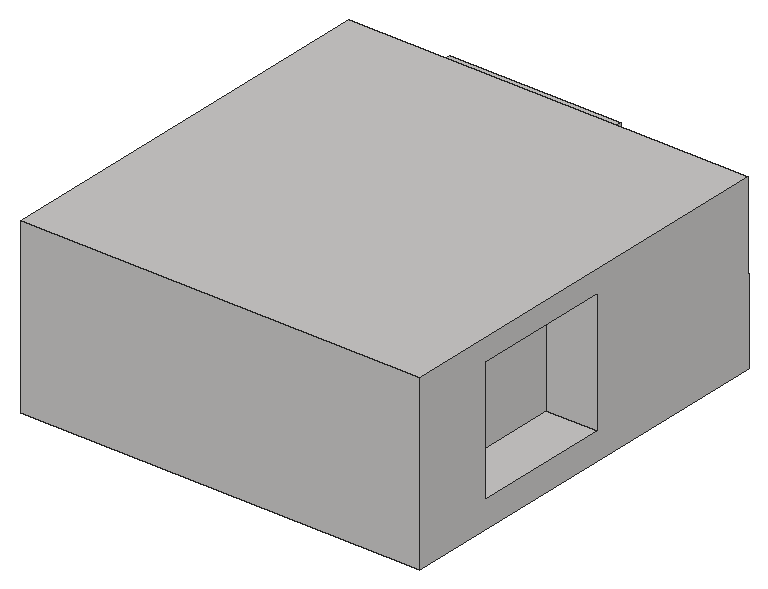
Revit family
Parameters
  Width = 4' - 0 1/8"
  Voltage = 277 V
  Unit Weight = "225.0 lbs"
  UltraLoc Liner = Choose Liner Option = 3  # no
  URL = "http://www.titus-hvac.com/"
  UL = "181"
  Supply Air Flow [instance] = 0 CFM
  SteriLoc Liner = Choose Liner Option = 2  # no
  Primary Air Pressure Drop [instance] = 0.00 in-wg
  Primary Air Flow [instance] = 0 CFM
  Plenum Air Pressure Drop [instance] = 0.00 in-wg
  Plenum Air Flow [instance] = 0 CFM
  Outlet Width = 1' - 4 1/2"
  Outlet Vertical Offset = 0' - 1 1/8"
  Outlet Horizontal Offset = 0' - 1 3/8"
  Outlet Height = 1' - 2 1/2"
  Number of Poles = 1
  Nominal Width = Width + 0' 6 1/4"  # 4' - 6 3/8"
  Nominal Length = Length + 0' 3 3/8"  # 4' - 2 1/4"
  Nominal Inlet Size = 1' - 2"
  Nominal Height = 1' - 8 1/8"
  NFPA = "90A"
  Motor Full Load Amps = 5.4 A
  Model = "DTQS"
  Min. Air Flow = 0 CFM
  Max. Air Flow = 0 CFM
  Material = Galvanized Steel
  Manufacturer = "Titus"
  Length = 3' - 10 7/8"
  Juction Box Offset = 0' - 6 7/8"
  Inlet Diameter = Nominal Inlet Size - 0' 0 1/8"  # 1' - 1 7/8"
  Induced offset = 0' - 1 1/4"
  Induced Air Inlet Offset = 0' - 4 1/2"
  Induced Air Inlet Width = 1' - 9"
  Induced Air Inlet Height = 1' - 5 1/2"
  Induced Air Filter = no
  Heating Total Capacity [instance] = 0 Btu/h
  Half Outlet Connection Width = Outlet Width / 2  # 0' - 8 1/4"
  Half Outlet Connection Height = Outlet Height / 2  # 0' - 7 1/4"
  Half Height Start = -(Nominal Height / 2)  # -0' - 10 1/16"
  Half Height End = Nominal Height / 2  # 0' - 10 1/16"
  HP-Motor = "3/4"
  Frequency = 60 Hz
  Filter Size = "27\"x20\""
  Fiber Free Liner = Choose Liner Option = 1  # no
  Fan Disconnect Switch = no
  Duct Radius = Nominal Inlet Size / 2  # 0' - 7"
  Description = "Series Fan Powered Terminal Unit, Direct Digital Control, Pressure Independent"
  Connection Void Radius = Connection Radius - 0' 0 1/4"  # 0' - 6 11/16"
  Connection Radius = Inlet Diameter / 2  # 0' - 6 15/16"
  Choose Liner Option = 0
  CADworks URL = "www.CADworks.net"
  Assembly Code = "D3040100"
  Apparent Power = Voltage * Motor Full Load Amps  # 1495.8 VA
  Air Inlet Offset = 0' - 10"
  1/2" Fiberglass Liner = Choose Liner Option = 0  # yes
Reference planes (in)
  plane 1 "Center (Front/Back)": y = 0
  plane 2: z = 0
  plane 3 "Center (Left/Right)": x = 3
  plane 4: x = -20.4375
  plane 5: x = 26.4375
  plane 6: x = -13.5625
  plane 7: x = -23.8125
  plane 8 "Center (Elevation)": z = 0
  plane 9: y = -24.0625
  plane 10: y = 24.0625
  plane 11: y = 14.0625
  plane 12: y = -19.5625
  plane 13: x = 20.4375
  plane 14: y = 30.3125
  plane 15: z = 10.0625
  plane 16: z = -10.0625
Forms (in)
  Extrusion 1, solid, material "Galvanized Steel" <- "Material"
    sketch origin (0, 0, 52) x (1, 0, 0) y (0, 1, 0)
      loop
        line (-20.4375, 24.0625) -> (-20.4375, -24.0625) -> (26.4375, -24.0625) -> (26.4375, 24.0625) -> (-20.4375, 24.0625)
    from -62.0625 <- "Half Height Start" to -41.9375 <- "Half Height End"
  Extrusion 2, solid, material "Galvanized Steel" <- "Material"
    sketch origin (5.0625, 0, -6) x (1, 0, 0) y (0, 1, 0)
      loop
        line (-18.625, 24.0625) -> (1.375, 24.0625) -> (1.375, 30.3125) -> (-18.625, 30.3125) -> (-18.625, 24.0625)
    from 0 to 12
  Extrusion 3, void
    sketch origin (26.4375, 24.0625, 53.125) x (0, 1, 0) y (0, 0, -1)
      loop
        line (-22.125, 45.5625) -> (-22.125, 60.0625) -> (-38.625, 60.0625) -> (-38.625, 45.5625) -> (-22.125, 45.5625)
    from 0 to 6
  Extrusion 4, solid, material "Galvanized Steel" <- "Material"
    sketch origin (-24.875, 0.5625, 0) x (0, 0, -1) y (0, 1, 0)
      loop
        circle (0, 13.5) r 6.9375
    from 1.0625 to 4.4375
  Extrusion 5, void
    sketch origin (-24.875, 0, 0) x (0, 1, 0) y (0, 0, 1)
      loop
        circle (14.0625, 0) r 6.6875
    from 1.0625 to 11.3125
  Extrusion 6, void
    sketch origin (-20.4375, -24.0625, 52) x (0, -1, 0) y (0, 0, -1)
      loop
        line (-25.5, 43.3125) -> (-4.5, 43.3125) -> (-4.5, 60.8125) -> (-25.5, 60.8125) -> (-25.5, 43.3125)
    from 0 to 6.875
Cuts and joins
  Extrusion 3, Extrusion 5, Extrusion 6 cuts Extrusion 1
  Extrusion 5 cuts Extrusion 4
Dimensions and locks (in)
  "Length": plane 5 to plane 4
  equal spacing: plane 5, plane 3 "Center (Left/Right)", plane 4
  locked: Extrusion 2 to plane 6 at 0
  locked: Extrusion 2 to Extrusion 2 at 20
  "Juction Box Offset": plane 6 to plane 4
  "Outlet Height": Extrusion 3 sketch curve to Extrusion 3 sketch curve
  "Outlet Width": Extrusion 3 sketch curve to Extrusion 3 sketch curve
  locked: plane 4 to plane 7 at 3.375
  "Width": plane 9 to plane 10
  equal spacing: plane 9, plane 1 "Center (Front/Back)", plane 10
  locked: Extrusion 4 sketch curve to level at 0
  locked: Extrusion 4 sketch curve to plane 11 at 0
  locked: Extrusion 5 sketch curve to level at 0
  locked: Extrusion 5 sketch curve to plane 11 at 0
  locked: Extrusion 2 to Extrusion 2 at 6.25
  "Air Inlet Offset": plane 10 to plane 11
  locked: Extrusion 2 to plane 10 at 0
  locked: cut or joined group of Extrusion 4, Extrusion 5 to plane 7 at 0
  locked: cut or joined group of Extrusion 4, Extrusion 5 to cut or joined group of Extrusion 4, Extrusion 5 at 3.375
  "Induced Air Inlet Offset": plane 9 to plane 12
  "Induced Air Inlet Width": Extrusion 6 sketch curve to Extrusion 6 sketch curve
  "Induced Air Inlet Height": Extrusion 6 sketch curve to Extrusion 6 sketch curve
  "Induced Air Inlet Offset": Extrusion 6 sketch curve to plane 9
  locked: plane 9 to Extrusion 3 sketch curve at 9.5
  cut or joined group of Extrusion 1, Extrusion 3, Extrusion 5, Extrusion 6 to Extrusion 3 sketch curve = 0' - 3 1/8"
  locked: Extrusion 2 to Extrusion 2 at 12
  equal spacing: Extrusion 2, level, Extrusion 2
  locked: cut or joined group of Extrusion 1, Extrusion 3, Extrusion 5, Extrusion 6 to cut or joined group of Extrusion 1, Extrusion 3, Extrusion 5, Extrusion 6 at 20.125
  equal spacing: cut or joined group of Extrusion 1, Extrusion 3, Extrusion 5, Extrusion 6, level, cut or joined group of Extrusion 1, Extrusion 3, Extrusion 5, Extrusion 6
  "Induced offset": Extrusion 6 sketch curve to cut or joined group of Extrusion 1, Extrusion 3, Extrusion 5, Extrusion 6
  "Connection Radius": radius of Extrusion 4 sketch curve
  "Connection Void Radius": radius of Extrusion 5 sketch curve
  aligned and locked: plane 6 to Extrusion 6
  aligned and locked: Extrusion 3 to plane 13
  aligned and locked: plane 5 to cut or joined group of Extrusion 1, Extrusion 3, Extrusion 5, Extrusion 6
  aligned and locked: cut or joined group of Extrusion 1, Extrusion 3, Extrusion 5, Extrusion 6 to plane 4
  aligned and locked: cut or joined group of Extrusion 1, Extrusion 3, Extrusion 5, Extrusion 6 to plane 10
  aligned and locked: plane 9 to cut or joined group of Extrusion 1, Extrusion 3, Extrusion 5, Extrusion 6
  aligned and locked: Extrusion 1 to Extrusion 6
  aligned and locked: Extrusion 5 to plane 7
  aligned and locked: plane 6 to Extrusion 5
Automatic sketch dimensions
  Extrusion 1 sketch curve to plane 4 = 0' - 0"
  plane 5 to Extrusion 1 sketch curve = 0' - 0"
  Extrusion 1 sketch curve to plane 9 = 0' - 0"
  Extrusion 1 sketch curve to plane 10 = 0' - 0"
  Extrusion 2 sketch curve to plane 6 = 0' - 0"
  Extrusion 2 sketch curve to plane 10 = 0' - 0"
  plane 3 "Center (Left/Right)" to Extrusion 2 sketch curve = 0' - 3 7/16"
  Extrusion 2 sketch curve to plane 10 = 0' - 6 1/4"
Connectors (in)
  electrical at (-3.5625, 30.3125, 0), driven by "Apparent Power", driven by "Voltage", driven by "Number of Poles"
    settings: on Extrusion 2, index 8
  hvac at (-23.8125, 14.0625, 0), driven by "Primary Air Flow", driven by "Duct Radius", driven by "Primary Air Pressure Drop"
    settings: on cut or joined group of Extrusion 4, Extrusion 5, index 9
  hvac at (-20.4375, -9.0625, -0.0625), driven by "Induced Air Inlet Height", driven by "Induced Air Inlet Width", driven by "Plenum Air Pressure Drop", driven by "Plenum Air Flow"
    settings: on cut or joined group of Extrusion 1, Extrusion 3, Extrusion 5, Extrusion 6, index 12
  hvac at (26.4375, -6.3125, 0.3125), driven by "Supply Air Flow", driven by "Outlet Width", driven by "Outlet Height"
    settings: on cut or joined group of Extrusion 1, Extrusion 3, Extrusion 5, Extrusion 6, index 13
